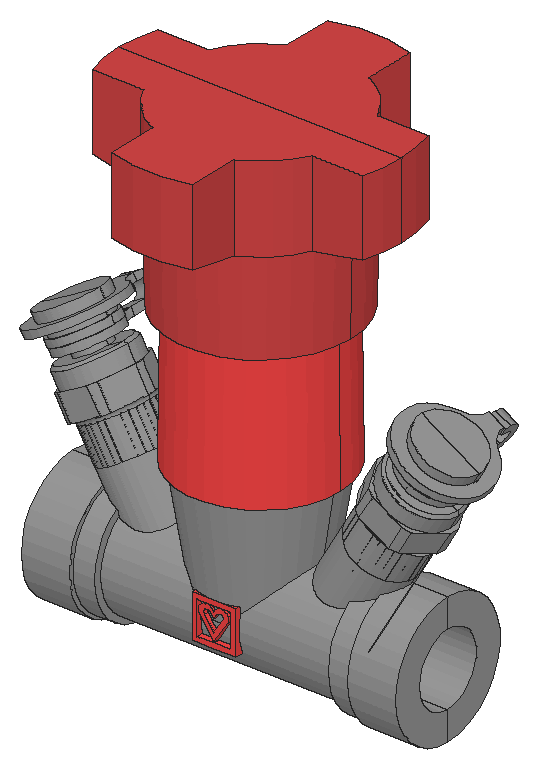
Revit family "Strangregulierventil mit Messventilen 4217 GN", category Rohrzubehör, Revit 2018
Family settings
  Bemaßung runder Anschluss = Durchmesser verwenden
  Teiletyp = Unterbricht
  OmniClass-Nummer = 23.65.55.14
  OmniClass-Titel = Valves for Liquid Services
  Arbeitsebenenbasiert = Nein
  Immer vertikal = Ja
  Beim Laden mit Abzugskörper schneiden = Nein
  Gemeinsam genutzt = Nein
Parameters
  kvs-Wert [instance] = if(Nennweite = 15.00 mm, 1.14, if(Nennweite = 20.00 mm, 2.38, if(Nennweite = 25.00 mm, 5.24, if(Nennweite = 32.00 mm, 8.6, if(Nennweite = 40.00 mm, 10.49, if(Nennweite = 50.00 mm, 16.78, 0))))))  # 1.14
  W02 = 60.00°  # constant formula
  W01 = 30.00°  # constant formula
  URL = "www.herz-armaturen.at"
  Spindelabdichtung = "Doppel-O-Ring aus EPDM"  # constant formula
  Spindel = "Messing CW617N"  # constant formula
  SC_NennweiteBerechnet = 0
  SC_Dimension = ""
  SCRNSEQ = "ARM;ARM_TYP=\"STRV\";2"
  SCRNCODE = "05;07;02"  # constant formula
  S02 = 60.00 mm  # constant formula
  S01 [instance] = DN15_DN50  # 92.00 mm
  R01 [instance] = size_lookup("4217_GN_", "R1", 1.00 mm, Nennweite)  # 11.35 mm
  Nennweite [instance] = 15.00 mm
  Medium = "Heizwasserqualität entsprechend ÖNORM H 5195 bzw. VDI-Richtlinie 2035.\r\nDie Verwendung von Ethylen- und Propylenglykol ist im Mischungsverhältnis 25 - 50 Vol. % zulässig."
  Max. Betriebstemperatur (bis DN32) = 130 °C  # constant formula
  Max. Betriebstemperatur (ab DN40) = 110 °C  # constant formula
  Max. Betriebsdruck = 2500000.0 Pa  # constant formula
  ML02 [instance] = size_lookup("4217_GN_", "ML2", 1.00 mm, Nennweite)  # 29.70 mm
  ML01 [instance] = size_lookup("4217_GN_", "ML1", 1.00 mm, Nennweite)  # 15.15 mm
  MD01 = 7.40 mm  # constant formula
  L02 [instance] = size_lookup("4217_GN_", "L2", 1.00 mm, Nennweite)  # 10.00 mm
  L01 [instance] = size_lookup("4217_GN_", "L1", 1.00 mm, Nennweite)  # 14.70 mm
  L00 [instance] = size_lookup("4217_GN_", "L", 1.00 mm, Nennweite)  # 78.00 mm
  Innengewinde = "gem. ISO 7/1"  # constant formula
  IG [instance] = Nennweite / 2  # 7.50 mm
  Hersteller = "HERZ Armaturen Ges.m.b.H."  # constant formula
  Handrad = "Polyamid, rot"  # constant formula
  H01 = 41.50 mm  # constant formula
  H00 [instance] = size_lookup("4217_GN_", "H", 1.00 mm, Nennweite)  # 25.40 mm
  Gewicht [instance] = if(Nennweite = 15.00 mm, "0.50 kg", if(Nennweite = 20.00 mm, "0.58 kg", if(Nennweite = 25.00 mm, "0.81 kg", if(Nennweite = 32.00 mm, "1.2 kg", if(Nennweite = 40.00 mm, "1.37 kg", if(Nennweite = 50.00 mm, "2.06 kg", "0 kg"))))))  # "0.50 kg"
  Gehäuse = "Messing CW602N"  # constant formula
  GT [instance] = size_lookup("4217_GN_", "GT", 1.00 mm, Nennweite)  # 13.20 mm
  Einbaulage = "Bedingt durch die senkrecht zur Ventilachse angeordnete, nichtsteigende Ventilspindel ist für jede Einbaulage optimale Zugängigkeit und Bedienbarkeit des Ventils gewährleistet."
  Differenzdruckmessung = "STRÖMAX-GN Strangregulierventil ist mit zwei Messventilen ausgestattet.\r\nBei Verwendung eines geeigneten Messgerätes kann der Differenzdruck gemessen und dadurch die jeweilige Durchflussmenge in Abhängigkeit der Einstellstufe ermittelt werden.\r\nAm HERZ-Messcomputer (1 8900 05) ist außerdem direkt die jeweilige Durchflussmenge ablesbar (siehe Gerätehandbuch)."
  DN50 [instance] = Nennweite = 50.00 mm  # no
  DN40 [instance] = Nennweite = 40.00 mm  # no
  DN32 [instance] = Nennweite = 32.00 mm  # no
  DN25 [instance] = Nennweite = 25.00 mm  # no
  DN20 [instance] = Nennweite = 20.00 mm  # no
  DN15_DN50 [instance] = if(Nennweite = 15.00 mm, 92.00 mm, if(Nennweite = 20.00 mm, 95.00 mm, if(Nennweite = 25.00 mm, 102.00 mm, if(Nennweite = 32.00 mm, 114.00 mm, if(Nennweite = 40.00 mm, 114.00 mm, if(Nennweite = 50.00 mm, 119.00 mm, 0.00 mm))))))  # 92.00 mm
  DN15 [instance] = Nennweite = 15.00 mm  # yes
  D05 = 16.75 mm  # constant formula
  D04 = 16.25 mm  # constant formula
  D03 [instance] = size_lookup("4217_GN_", "D3", 1.00 mm, Nennweite)  # 15.50 mm
  D02 [instance] = size_lookup("4217_GN_", "D2", 1.00 mm, Nennweite)  # 13.50 mm
  D01 [instance] = size_lookup("4217_GN_", "D1", 1.00 mm, Nennweite)  # 12.70 mm
  Bestellnummer [instance] = size_lookup("4217_GN_", "Artnr", 0, Nennweite)  # 1421771
  Ausführung = "STRÖMAX-GN Strangregulierventil mit Messventilen, 1/2′′ – 2′′, mit gleichprozentiger Kennlinie.\r\nGeradesitzform, gelbe Ausführung, Muffe x Muffe, nichtsteigende Spindel, Spindelabdichtung mit Doppel-O-Ring, Voreinstellung durch Hubbegrenzung mittels Innenspindel, Anzeige der Voreinstellstufe am Handradschaft.\r\n2 Messventile sind neben dem Handrad montiert."
  Anwendungen = "Zum hydraulischen Abgleich in Heiz- oder Kühlanlagen, Einregulieren von Verteilleitungen, Strängen, Wärmetauschern, Heiz- und Kühlregistern.\r\nSchließen Sie das Ventil im Uhrzeigersinn."
Reference planes
  plane 1 "Mitte (Vorne/hinten)": y = 0
  plane 2: z = 0
  plane 3 "Mitte (Links/rechts)": x = 0
Forms (mm)
  Revolve 1, solid, material "Messing, weicher Gelbton, geschweißt", detail levels fine
    sketch origin (0, 0, 0) x (1, 0, 0) y (0, 0, 1)
      loop
        line (-39, 13.5) -> (-39, 7.5) -> (-25.8, 7.5) -> (-25.8, 0) -> (25.8, 0) -> (25.8, 7.5) -> (39, 7.5) -> (39, 13.5) -> (29, 13.5) -> (29, 12.7) -> (24.3, 12.7) -> (24.3, 11.35) -> (-24.3, 11.35) -> (-24.3, 12.7) -> (-29, 12.7) -> (-29, 13.5) -> (-39, 13.5)
      axis (-39, 0) -> (39, 0)
    angle from 0 to 360
  Revolve 2, solid, material "Messing, weicher Gelbton, geschweißt", detail levels fine
    sketch origin (0, 0, 0) x (1, 0, 0) y (0, 0, 1)
      loop
        line (15.15, 0) -> (30, 25.721) -> (23.591, 29.421) -> (8.741, 3.7) -> (15.15, 0)
      axis (15.15, 0) -> (30, 25.721)
    angle from 0 to 360
  Revolve 3, solid, material "Messing, weicher Gelbton, geschweißt", detail levels fine
    sketch origin (0, 0, 0) x (-1, 0, 0) y (0, 0, 1)
      loop
        line (15.15, 0) -> (30, 25.721) -> (23.591, 29.421) -> (8.741, 3.7) -> (15.15, 0)
      axis (15.15, 0) -> (30, 25.721)
    angle from 0 to 360
  Revolve 4, solid, material "Messing, weicher Gelbton, geschweißt", detail levels fine
    sketch origin (0, 0, 0) x (1, 0, 0) y (0, 0, 1)
      loop
        line (0, 0) -> (0, 25.4) -> (-15.5, 25.4) -> (-11.35, 0) -> (0, 0)
      axis (0, 25.4) -> (0, 0)
    angle from 0 to 360
  Revolve 5, solid, material "Kunsstoff rot", detail levels fine
    sketch origin (0, 0, 0) x (1, 0, 0) y (0, 0, 1)
      loop
        line (0, 25.4) -> (0, 66.9) -> (-16.25, 66.9) -> (-16.75, 25.4) -> (0, 25.4)
      axis (0, 66.9) -> (0, 25.4)
    angle from 0 to 360
Lines and regions (mm)
  model lines, detail levels coarse+medium
    curve 1: line (-39, 0, 13.5) -> (-39, 0, -13.5)
    curve 2: line (-39, 0, -13.5) -> (39, 0, 13.5)
    curve 3: line (39, 0, 13.5) -> (39, 0, -13.5)
    curve 4: line (39, 0, -13.5) -> (-39, 0, 13.5)
    curve 5: line (0, 0, 0) -> (53.116, 0, 92)
    curve 6: line (27.135, 0, 107) -> (79.097, 0, 77)
    curve 7: line (-39, 13.5, 0) -> (-39, -13.5, 0)
    curve 8: line (-39, -13.5, 0) -> (39, 13.5, 0)
    curve 9: line (39, 13.5, 0) -> (39, -13.5, 0)
    curve 10: line (39, -13.5, 0) -> (-39, 13.5, 0)
    curve 11: line (0, 0, 0) -> (53.116, 92, 0)
    curve 12: line (27.135, 107, 0) -> (79.097, 77, 0)
Dimensions and locks
  "IG": Revolve 1 sketch curve to plane 2
  "GT": Revolve 1 sketch curve to Revolve 1 sketch curve  (x2)
  "IG": Revolve 1 sketch curve to Revolve 1 sketch curve
  "D01": Revolve 1 sketch curve to Revolve 1 sketch curve  (x2)
  "L02": Revolve 1 sketch curve to Revolve 1 sketch curve  (x2)
  "D02": Revolve 1 sketch curve to plane 2  (x2)
  equal spacing: Revolve 1 sketch curve, plane 3 "Mitte (Links/rechts)", Revolve 1 sketch curve
  "L00": Revolve 1 sketch curve to Revolve 1 sketch curve
  "R01": nested 1 to plane 1 "Mitte (Vorne/hinten)"
  "ML01": Revolve 2 sketch curve to plane 3 "Mitte (Links/rechts)"
  "ML02": Revolve 2 sketch curve to Revolve 2 sketch curve
  "MD01": Revolve 2 sketch curve to Revolve 2 sketch curve  (x2)
  "ML02": Revolve 3 sketch curve to Revolve 3 sketch curve
  "MD01": Revolve 3 sketch curve to Revolve 3 sketch curve  (x2)
  "ML01": plane 3 "Mitte (Links/rechts)" to Revolve 3 sketch curve
  "D02": curve 4 to plane 2 to curve 2
  "D02": curve 3 to plane 2 to curve 4
  equal spacing: curve 1, plane 3 "Mitte (Links/rechts)", curve 3
  "L00": curve 1 to curve 3
  equal spacing: Revolve 1, curve 5, Revolve 1
  "S01": curve 5 to plane 2
  equal spacing: curve 6, curve 5, curve 6
  "S02": curve 6 to curve 6
  "D02": curve 8 to plane 1 "Mitte (Vorne/hinten)" to curve 10
  "D02": curve 10 to plane 1 "Mitte (Vorne/hinten)" to curve 9
  equal spacing: curve 7, plane 3 "Mitte (Links/rechts)", curve 9
  "L00": curve 7 to curve 9
  equal spacing: curve 7, curve 11, curve 9
  "S01": plane 1 "Mitte (Vorne/hinten)" to curve 11
  equal spacing: curve 12, curve 11, curve 12
  "S02": curve 12 to curve 12
  "R01": Revolve 1 sketch curve to plane 2
  "H00": Revolve 4 sketch curve to plane 2
  "D03": Revolve 4 sketch curve to Revolve 4 sketch curve
  "R01": Revolve 4 sketch curve to Revolve 4 sketch curve
  "L01": Revolve 1 sketch curve to Revolve 1 sketch curve  (x2)
  "H01": Revolve 5 sketch curve to Revolve 5 sketch curve
  "H00": Revolve 5 sketch curve to plane 2
  "D04": Revolve 5 sketch curve to Revolve 5 sketch curve
  "D05": Revolve 5 sketch curve to Revolve 5 sketch curve
  "DN15_DN50": nested 14 to plane 2
  "W01": angle Revolve 2 sketch curve to plane 3 "Mitte (Links/rechts)"  (x2)
  "W01": angle plane 3 "Mitte (Links/rechts)" to Revolve 3 sketch curve  (x2)
  "W02": angle plane 2 to curve 5
  "W02": angle plane 1 "Mitte (Vorne/hinten)" to curve 11
  aligned and locked: level to plane 2
Automatic sketch dimensions
  Revolve 1 sketch curve to level = 0.00 mm  (x2)
  Revolve 1 sketch curve to Revolve 1 sketch curve = 1429.986 mm
  Revolve 1 sketch curve to Revolve 1 sketch curve = 1762.604 mm
  Revolve 2 sketch curve to level = 0.00 mm  (x2)
  Revolve 3 sketch curve to level = 0.00 mm  (x2)
  Revolve 4 sketch curve to level = 0.00 mm
  Revolve 4 sketch curve to plane 3 "Mitte (Links/rechts)" = 0.00 mm  (x2)
  Revolve 4 sketch curve to level = 366.045 mm
  Revolve 4 sketch curve to Revolve 4 sketch curve = 2188.915 mm
  Revolve 5 sketch curve to plane 3 "Mitte (Links/rechts)" = 0.00 mm  (x2)
  Revolve 5 sketch curve to level = 366.045 mm
  Revolve 5 sketch curve to Revolve 5 sketch curve = 2147.415 mm
Nested families
  nested 1: "Herz-Logo-vorne" at (0, -11.35, 0) x (0, 1, 0) z (0, 0, 1), type "Herz-Logo-vorne", detail levels fine
  nested 2: "Messstutzen_Band_Austritt_30Grad_(oben)" at (37.95, 0, 29.878), visible <- "DN50", type "Messstutzen_Band_Austritt_30Grad_(oben)", detail levels fine
    with Schutzkappe yes, Nennweite 0.00 mm, Gewicht 0.00 kg, Bestellnummer 0
  nested 3: "Messstutzen_Band_Eintritt_30Grad_(oben)" at (-37.95, 0, 29.878) x (-1, 0, 0) z (0, 0, 1), visible <- "DN50", type "Messstutzen_Band_Eintritt_30Grad_(oben)", detail levels fine
    with Schutzkappe yes, Nennweite 0.00 mm, Gewicht 0.00 kg, Bestellnummer 0
  nested 4: "Messstutzen_Band_Austritt_30Grad_(oben)" at (21.25, 0, 10.566), visible <- "DN15", type "Messstutzen_Band_Austritt_30Grad_(oben)", detail levels fine
    with Schutzkappe yes, Nennweite 0.00 mm, Gewicht 0.00 kg, Bestellnummer 0
  nested 5: "Messstutzen_Band_Eintritt_30Grad_(oben)" at (-21.25, 0, 10.566) x (-1, 0, 0) z (0, 0, 1), visible <- "DN15", type "Messstutzen_Band_Eintritt_30Grad_(oben)", detail levels fine
    with Schutzkappe yes, Nennweite 0.00 mm, Gewicht 0.00 kg, Bestellnummer 0
  nested 6: "Messstutzen_Band_Eintritt_30Grad_(oben)" at (-20.175, 0, 12.601) x (-1, 0, 0) z (0, 0, 1), visible <- "DN20", type "Messstutzen_Band_Eintritt_30Grad_(oben)", detail levels fine
    with Schutzkappe yes, Nennweite 0.00 mm, Gewicht 0.00 kg, Bestellnummer 0
  nested 7: "Messstutzen_Band_Austritt_30Grad_(oben)" at (20.175, 0, 12.601), visible <- "DN20", type "Messstutzen_Band_Austritt_30Grad_(oben)", detail levels fine
    with Schutzkappe yes, Nennweite 0.00 mm, Gewicht 0.00 kg, Bestellnummer 0
  nested 8: "Messstutzen_Band_Eintritt_30Grad_(oben)" at (-21.8, 0, 15.762) x (-1, 0, 0) z (0, 0, 1), visible <- "DN25", type "Messstutzen_Band_Eintritt_30Grad_(oben)", detail levels fine
    with Schutzkappe yes, Nennweite 0.00 mm, Gewicht 0.00 kg, Bestellnummer 0
  nested 9: "Messstutzen_Band_Austritt_30Grad_(oben)" at (21.8, 0, 15.762), visible <- "DN25", type "Messstutzen_Band_Austritt_30Grad_(oben)", detail levels fine
    with Schutzkappe yes, Nennweite 0.00 mm, Gewicht 0.00 kg, Bestellnummer 0
  nested 10: "Messstutzen_Band_Eintritt_30Grad_(oben)" at (-27.95, 0, 20.352) x (-1, 0, 0) z (0, 0, 1), visible <- "DN32", type "Messstutzen_Band_Eintritt_30Grad_(oben)", detail levels fine
    with Schutzkappe yes, Nennweite 0.00 mm, Gewicht 0.00 kg, Bestellnummer 0
  nested 11: "Messstutzen_Band_Austritt_30Grad_(oben)" at (27.95, 0, 20.352), visible <- "DN32", type "Messstutzen_Band_Austritt_30Grad_(oben)", detail levels fine
    with Schutzkappe yes, Nennweite 0.00 mm, Gewicht 0.00 kg, Bestellnummer 0
  nested 12: "Messstutzen_Band_Eintritt_30Grad_(oben)" at (-33.7, 0, 23.729) x (-1, 0, 0) z (0, 0, 1), visible <- "DN40", type "Messstutzen_Band_Eintritt_30Grad_(oben)", detail levels fine
    with Schutzkappe yes, Nennweite 0.00 mm, Gewicht 0.00 kg, Bestellnummer 0
  nested 13: "Messstutzen_Band_Austritt_30Grad_(oben)" at (33.7, 0, 23.729), visible <- "DN40", type "Messstutzen_Band_Austritt_30Grad_(oben)", detail levels fine
    with Schutzkappe yes, Nennweite 0.00 mm, Gewicht 0.00 kg, Bestellnummer 0
  nested 14: "Strangregulierventil-Handrad_(Rot) DN15-DN50" at (0, 0, 54.6), type "Strangregulierventil-Handrad_(Rot) DN15-DN50", detail levels fine
Connectors
  piping at (-25.8, 0, 0), diameter 15, driven by "Nennweite"
    settings: on Revolve 1, index 1, connector inside diameter 609.6 mm, connector length 0.00 mm, flow factor 0, pipe flow 0.0 L/s, pressure drop 0.0 Pa, fitting loss kfactor 0, connector angle 0.00°, fixture units 0, engagement length 0.00 mm, angle of deflection 0.00°, flow configuration 0, flow direction 1, fitting loss method 0, system type 29, joint type 0, gender type 0, connector reference index -1, connector utility 0, adjustable connector no, is connector primary yes, connector description ""
  piping at (25.8, 0, 0), diameter 15, driven by "Nennweite"
    settings: on Revolve 1, index 2, connector inside diameter 609.6 mm, connector length 0.00 mm, flow factor 0, pipe flow 0.0 L/s, pressure drop 0.0 Pa, fitting loss kfactor 0, connector angle 0.00°, fixture units 0, engagement length 0.00 mm, angle of deflection 0.00°, flow configuration 0, flow direction 2, fitting loss method 0, system type 29, joint type 0, gender type 0, connector reference index -1, connector utility 0, adjustable connector no, is connector primary no, connector description ""
Definition of nested family "Herz-Logo-vorne"
  Reference planes
    plane 1 "Mitte (Vorne/hinten)": y = 0
    plane 2: z = 0
    plane 3 "Mitte (Links/rechts)": x = 0
  Forms (mm)
    Extrusion 1, solid
      sketch origin (0.732, -0.018, 0.017) x (0, -1, 0) y (0, 0, 1)
        loop
          line (-0.018, -4.517) -> (4.482, -4.517) -> (4.482, 4.483) -> (-4.518, 4.483) -> (-4.518, -4.517) -> (-0.018, -4.517)
        loop
          line (-0.05, -3.48) -> (3.482, -3.48) -> (3.482, 3.483) -> (-3.518, 3.483) -> (-3.518, -3.48) -> (-0.05, -3.48)
        loop
          arc (-0.018, 2.383) -> (-1.543, 3.287) -> (-3.067, 2.383) r 1.738
          arc (-3.067, 2.383) -> (-3.191, 1.899) -> (-3.067, 1.415) r 1.009
          line (-3.067, 1.415) -> (-0.018, -3.281) -> (3.032, 1.415)
          arc (3.032, 1.415) -> (3.156, 1.899) -> (3.032, 2.383) r 1.009
          arc (3.032, 2.383) -> (1.507, 3.287) -> (-0.018, 2.383) r 1.738
        loop
          arc (1.885, 1.272) -> (2.005, 1.675) -> (1.885, 2.079) r 0.74
          arc (1.885, 2.079) -> (1.265, 2.416) -> (0.644, 2.079) r 0.74
          line (0.644, 2.079) -> (-0.018, 0.97) -> (-0.679, 2.079)
          arc (-0.679, 2.079) -> (-1.3, 2.416) -> (-1.921, 2.079) r 0.74
          arc (-1.921, 2.079) -> (-2.04, 1.675) -> (-1.921, 1.272) r 0.74
          line (-1.921, 1.272) -> (-0.018, -1.658) -> (1.885, 1.272)
      from 0 to 1.5
  Dimensions and locks
    aligned and locked: level to plane 2
Definition of nested family "Messstutzen_Band_Austritt_30Grad_(oben)"
  Parameters (values of type "Messstutzen_Band_Austritt_30Grad_(oben)")
    URL = "www.herz-armaturen.at"
    Schutzkappe [instance] = yes
    Nennweite [instance] = 0.00 mm
    Manufacturer = "Herz Armaturen GmbH"  # constant formula
    Gewicht [instance] = 0.00 kg
    Bestellnummer [instance] = 0
  Reference planes
    plane 1 "Mitte (Vorne/hinten)": y = 0
    plane 2: z = 0
    plane 3 "Mitte (Links/rechts)": x = 0
  Forms (mm)
    Revolve 1, solid, detail levels fine
      sketch origin (0, 0, 0) x (0.866025, 0, -0.5) y (0.5, 0, 0.866025)
        loop
          line (-7.4, 9) -> (-5.55, 9) -> (-5.55, 6)
          arc (-5.55, 6) -> (-5.626, 5.617) -> (-5.843, 5.293) r 1
          line (-5.843, 5.293) -> (-6.455, 4.681) -> (-6.455, 0.9) -> (-5.555, 0) -> (-2, 0) -> (-2, 17.5) -> (-8.4, 17.5)
          arc (-8.4, 17.5) -> (-7.693, 17.207) -> (-7.4, 16.5) r 1
          line (-7.4, 16.5) -> (-7.4, 9)
        loop
          line (-3.7, 27) -> (-7.3, 27) -> (-7.9, 26.4) -> (-7.9, 23) -> (-2, 23) -> (-2, 35.8) -> (-3.805, 35.8) -> (-4.415, 35.19) -> (-4.415, 30.863) -> (-3.7, 30.45) -> (-3.7, 27)
        axis (0, 0) -> (0, 35.8)
      angle from 0 to 360
    Extrusion 2, solid, detail levels fine
      sketch origin (8.75, 0, 15.155) x (0, 1, 0) y (-0.866025, 0, 0.5)
        loop
          arc (-7.07, 5.156) -> (-7.578, 4.375) -> (-8, 3.544) r 8.75
          line (-8, 3.544) -> (-8, -3.544)
          arc (-8, -3.544) -> (-7.578, -4.375) -> (-7.07, -5.156) r 8.75
          line (-7.07, -5.156) -> (-0.93, -8.7)
          arc (-0.93, -8.7) -> (0, -8.75) -> (0.93, -8.7) r 8.75
          line (0.93, -8.7) -> (7.07, -5.156)
          arc (7.07, -5.156) -> (7.578, -4.375) -> (8, -3.544) r 8.75
          line (8, -3.544) -> (8, 3.544)
          arc (8, 3.544) -> (7.578, 4.375) -> (7.07, 5.156) r 8.75
          line (7.07, 5.156) -> (0.93, 8.7)
          arc (0.93, 8.7) -> (0, 8.75) -> (-0.93, 8.7) r 8.75
          line (-0.93, 8.7) -> (-7.07, 5.156)
      from 0 to 5.5
    Revolve 3, solid, visible <- "Schutzkappe", detail levels fine
      sketch origin (0, 0, 0) x (0.866025, 0, -0.5) y (0.5, 0, 0.866025)
        loop
          line (0, 35.878) -> (0, 36.678) -> (-7, 36.678) -> (-7, 33.378) -> (-6.1, 33.378) -> (-6.1, 31.678) -> (-6.9, 31.678) -> (-6.9, 30.178) -> (-4.415, 30.178) -> (-4.415, 35.268) -> (-3.805, 35.878) -> (0, 35.878)
        axis (0, 30.178) -> (0, 36.678)
      angle from 0 to 360
    Extrusion 4, solid, detail levels fine
      sketch origin (14.25, 0, 24.682) x (0, 1, 0) y (0.866025, 0, -0.5)
        loop
          circle (0, 0) r 3.7
        loop
          arc (5.505, -3.906) -> (7.288, -2.358) -> (9.582, -1.8) r 5
          line (9.582, -1.8) -> (9.582, 1.8)
          arc (9.582, 1.8) -> (7.288, 2.358) -> (5.505, 3.906) r 5
          arc (5.505, 3.906) -> (-6.75, 0) -> (5.505, -3.906) r 6.75
      from 0 to -1.5
    Extrusion 5, solid, detail levels fine
      sketch origin (16.589, 0, 28.733) x (0, 1, 0) y (0.866025, 0, -0.5)
        loop
          circle (0, 0) r 6.1
        loop
          arc (8.652, -4.495) -> (10.493, -2.527) -> (13.089, -1.8) r 5
          line (13.089, -1.8) -> (13.089, 1.8)
          arc (13.089, 1.8) -> (10.493, 2.527) -> (8.652, 4.495) r 5
          arc (8.652, 4.495) -> (-9.75, 0) -> (8.652, -4.495) r 9.75
      from 0 to -1.5
    Sweep 6, solid, detail levels fine
      path origin (1.029, 0.159, 0.98) x (-0.5, 0, -0.866025) y (0, 1, 0)
        loop
          line (-27.75, 9.582) -> (-27.75, 14.522)
          arc (-27.75, 14.522) -> (-30.089, 16.862) -> (-32.428, 14.522) r 2.339
          line (-32.428, 14.522) -> (-32.428, 13.089)
      profile origin (14.904, 12.211, 25.012) x (0.5, 0, 0.866025) y (0.866025, 0, -0.5)
        loop
          line (-0.75, -1.8) -> (0.75, -1.8) -> (0.75, 1.8) -> (-0.75, 1.8) -> (-0.75, -1.8)
  Dimensions and locks
    aligned and locked: level to plane 2
Definition of nested family "Messstutzen_Band_Eintritt_30Grad_(oben)"
  Parameters (values of type "Messstutzen_Band_Eintritt_30Grad_(oben)")
    URL = "www.herz-armaturen.at"
    Schutzkappe [instance] = yes
    Nennweite [instance] = 0.00 mm
    Manufacturer = "Herz Armaturen GmbH"  # constant formula
    Gewicht [instance] = 0.00 kg
    Bestellnummer [instance] = 0
  Reference planes
    plane 1 "Mitte (Vorne/hinten)": y = 0
    plane 2: z = 0
    plane 3 "Mitte (Links/rechts)": x = 0
  Forms (mm)
    Revolve 1, solid, detail levels fine
      sketch origin (0, 0, 0) x (0.866025, 0, -0.5) y (0.5, 0, 0.866025)
        loop
          line (-7.4, 9) -> (-5.55, 9) -> (-5.55, 6)
          arc (-5.55, 6) -> (-5.626, 5.617) -> (-5.843, 5.293) r 1
          line (-5.843, 5.293) -> (-6.455, 4.681) -> (-6.455, 0.9) -> (-5.555, 0) -> (-2, 0) -> (-2, 17.5) -> (-8.4, 17.5)
          arc (-8.4, 17.5) -> (-7.693, 17.207) -> (-7.4, 16.5) r 1
          line (-7.4, 16.5) -> (-7.4, 9)
        loop
          line (-3.7, 27) -> (-7.3, 27) -> (-7.9, 26.4) -> (-7.9, 23) -> (-2, 23) -> (-2, 35.8) -> (-3.805, 35.8) -> (-4.415, 35.19) -> (-4.415, 30.863) -> (-3.7, 30.45) -> (-3.7, 27)
        axis (0, 0) -> (0, 35.8)
      angle from 0 to 360
    Extrusion 2, solid, detail levels fine
      sketch origin (8.75, 0, 15.155) x (0, 1, 0) y (-0.866025, 0, 0.5)
        loop
          arc (-7.07, 5.156) -> (-7.578, 4.375) -> (-8, 3.544) r 8.75
          line (-8, 3.544) -> (-8, -3.544)
          arc (-8, -3.544) -> (-7.578, -4.375) -> (-7.07, -5.156) r 8.75
          line (-7.07, -5.156) -> (-0.93, -8.7)
          arc (-0.93, -8.7) -> (0, -8.75) -> (0.93, -8.7) r 8.75
          line (0.93, -8.7) -> (7.07, -5.156)
          arc (7.07, -5.156) -> (7.578, -4.375) -> (8, -3.544) r 8.75
          line (8, -3.544) -> (8, 3.544)
          arc (8, 3.544) -> (7.578, 4.375) -> (7.07, 5.156) r 8.75
          line (7.07, 5.156) -> (0.93, 8.7)
          arc (0.93, 8.7) -> (0, 8.75) -> (-0.93, 8.7) r 8.75
          line (-0.93, 8.7) -> (-7.07, 5.156)
      from 0 to 5.5
    Revolve 3, solid, visible <- "Schutzkappe", detail levels fine
      sketch origin (0, 0, 0) x (0.866025, 0, -0.5) y (0.5, 0, 0.866025)
        loop
          line (0, 35.878) -> (0, 36.678) -> (-7, 36.678) -> (-7, 33.378) -> (-6.1, 33.378) -> (-6.1, 31.678) -> (-6.9, 31.678) -> (-6.9, 30.178) -> (-4.415, 30.178) -> (-4.415, 35.268) -> (-3.805, 35.878) -> (0, 35.878)
        axis (0, 30.178) -> (0, 36.678)
      angle from 0 to 360
    Extrusion 4, solid, detail levels fine
      sketch origin (14.25, 0, 24.682) x (0, 1, 0) y (0.866025, 0, -0.5)
        loop
          circle (0, 0) r 3.7
        loop
          arc (5.505, -3.906) -> (7.288, -2.358) -> (9.582, -1.8) r 5
          line (9.582, -1.8) -> (9.582, 1.8)
          arc (9.582, 1.8) -> (7.288, 2.358) -> (5.505, 3.906) r 5
          arc (5.505, 3.906) -> (-6.75, 0) -> (5.505, -3.906) r 6.75
      from 0 to -1.5
    Extrusion 5, solid, detail levels fine
      sketch origin (16.589, 0, 28.733) x (0, 1, 0) y (0.866025, 0, -0.5)
        loop
          circle (0, 0) r 6.1
        loop
          arc (8.652, -4.495) -> (10.493, -2.527) -> (13.089, -1.8) r 5
          line (13.089, -1.8) -> (13.089, 1.8)
          arc (13.089, 1.8) -> (10.493, 2.527) -> (8.652, 4.495) r 5
          arc (8.652, 4.495) -> (-9.75, 0) -> (8.652, -4.495) r 9.75
      from 0 to -1.5
    Sweep 6, solid, detail levels fine
      path origin (0.933, -0.183, 1.116) x (-0.5, 0, -0.866025) y (0, 1, 0)
        loop
          line (-27.75, 9.582) -> (-27.75, 14.522)
          arc (-27.75, 14.522) -> (-30.089, 16.862) -> (-32.428, 14.522) r 2.339
          line (-32.428, 14.522) -> (-32.428, 13.089)
      profile origin (14.808, 11.869, 25.148) x (0.5, 0, 0.866025) y (0.866025, 0, -0.5)
        loop
          line (-0.75, -1.8) -> (0.75, -1.8) -> (0.75, 1.8) -> (-0.75, 1.8) -> (-0.75, -1.8)
  Dimensions and locks
    aligned and locked: level to plane 2
Definition of nested family "Strangregulierventil-Handrad_(Rot) DN15-DN50"
  Reference planes
    plane 1 "Mitte (Vorne/hinten)": y = 0
    plane 2: z = 0
    plane 3 "Mitte (Links/rechts)": x = 0
  Forms (mm)
    Revolve 1, solid, detail levels fine
      sketch origin (0, 0, 0) x (1, 0, 0) y (0, 0, 1)
        loop
          line (0, 0) -> (0, 37.4) -> (-29.4, 37.4) -> (-29.4, 21.6) -> (-19.25, 19.5) -> (-18.9, 0) -> (0, 0)
        axis (0, 37.4) -> (0, 0)
      angle from 0 to 360
    Extrusion 2, void
      sketch origin (0, 0, 0) x (1, 0, 0) y (0, 1, 0)
        loop
          arc (-8.5, 17.528) -> (-13.774, 13.774) -> (-17.528, 8.5) r 19.48
          line (-17.528, 8.5) -> (-28.144, 8.5)
          arc (-28.144, 8.5) -> (-29.4, 0) -> (-28.144, -8.5) r 29.4
          line (-28.144, -8.5) -> (-17.528, -8.5)
          arc (-17.528, -8.5) -> (-13.774, -13.774) -> (-8.5, -17.528) r 19.48
          line (-8.5, -17.528) -> (-8.5, -28.144)
          arc (-8.5, -28.144) -> (0, -29.4) -> (8.5, -28.144) r 29.4
          line (8.5, -28.144) -> (8.5, -17.528)
          arc (8.5, -17.528) -> (13.774, -13.774) -> (17.528, -8.5) r 19.48
          line (17.528, -8.5) -> (28.144, -8.5)
          arc (28.144, -8.5) -> (29.4, 0) -> (28.144, 8.5) r 29.4
          line (28.144, 8.5) -> (17.528, 8.5)
          arc (17.528, 8.5) -> (13.774, 13.774) -> (8.5, 17.528) r 19.48
          line (8.5, 17.528) -> (8.5, 28.144)
          arc (8.5, 28.144) -> (0, 29.4) -> (-8.5, 28.144) r 29.4
          line (-8.5, 28.144) -> (-8.5, 17.528)
        loop
          circle (0, 0) r 33
      from 17.15 to 46.765
  Cuts and joins
    Extrusion 2 cuts Revolve 1
  Dimensions and locks
    aligned and locked: level to plane 2
